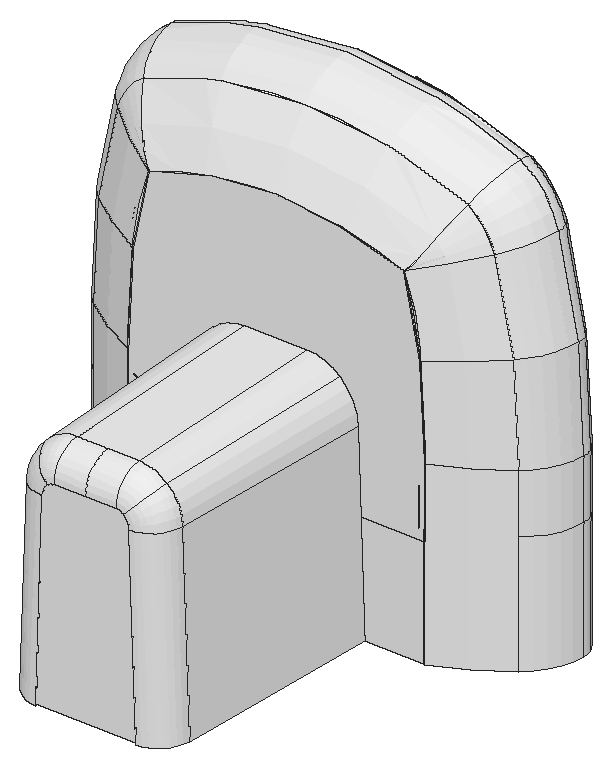
Revit family "Basin_With_Everclean-Wall_Mounted-American_Standard-Murro-0954_Series", category Plumbing Fixtures, host Face, Revit 2014
Parameters (values of type "0954.004EC")
  Width = 21 1/4"
  Waste Connection Radius = 5/8"
  Waste Connection Height = 23 1/2"
  Waste Connection Diameter = Waste Connection Radius * 2  # 1 1/4"
  Waste Connection = yes
  WFU = 2
  Void Visibility 5 = 4"
  Void Visibility 4 = 2"
  Void Visibility 3 = 2"
  Void Visibility 2 = 2"
  Void Visibility = 0"
  Vent Connection = no
  URL = "http://www.americanstandard-us.com"
  Type Comments = ""
  Symbolic 4 Lines = no
  Symbolic 3 Lines = no
  Symbolic 2 Lines = no
  Symbolic 1 Lines = yes
  Product Page URL = "http://www.americanstandard-us.com/commercial-sinks/Murro-Universal-Degisn-Wal-Hung-Lavatory-with-EverClean-5920/"
  Product Documentation Link = "http://www.americanstandard-us.com/assets/documents/amstd/spec/SpecSheet_5920.pdf"
  Price = "Prices may vary. Please consult Manufacturer Representative for most up-to-date price list."  # constant formula
  Model = "0954.004EC"
  Material = Vitreous China-American Standard-020-White
  Masterformat Title = "Residential Lavatories and Sinks"  # constant formula
  Masterformat Number = "22 41 16"  # constant formula
  Manufacturer = "American Standard"
  Length = 20 1/2"
  Installation Type = "Wall Mounted"
  Hot Water Connection Width = 2"
  Hot Water Connection Radius = 1/4"
  Hot Water Connection Height = 25 1/2"
  Hot Water Connection Diameter = Hot Water Connection Radius * 2  # 1/2"
  Height = 16"
  HWFU = 1.5
  HW Connection = yes
  Description = "Wall-Hung Lavatory With Everclean. 4\" Centres with overflow."
  Default Elevation = 34"
  Cold Water Connection Width = 2"
  Cold Water Connection Radius = 1/4"
  Cold Water Connection Height = Hot Water Connection Height  # 25 1/2"
  Cold Water Connection Diameter = Cold Water Connection Radius * 2  # 1/2"
  CWFU = 1.5
  CW Connection = yes
  Basin Shape = "Square"
  Assembly Code = "D2020"
  ADA Compliant = no
Types (11): name | Void Visibility 5 | Void Visibility 4 | Void Visibility 3 | Void Visibility 2 | Void Visibility | Symbolic 4 Lines | Symbolic 3 Lines | Symbolic 2 Lines | Symbolic 1 Lines | Model | Description
  (no name) | 4" | 2" | 2" | 2" | 0" | no | no | no | yes | "0954.004EC" | "Wall-Hung Lavatory With Everclean. 4\" Centres with overflow."
  0954.004EC | 4" | 2" | 2" | 2" | 0" | no | no | no | yes | "0954.004EC" | "Wall-Hung Lavatory With Everclean. 4\" Centres with overflow."
  0954.123EC | 4" | 2" | 0" | 2" | 0" | no | yes | no | yes | "0954.123EC" | "Wall-Hung Lavatory With Everclean. 4\" Centres with overflow and extra right-hand hole."
  0954.121EC | 4" | 0" | 2" | 2" | 0" | yes | no | no | yes | "0954.121EC" | "Wall-Hung Lavatory With Everclean. 4\" Centres with overflow and extra left-hand hole."
  0954.904EC | 7" | 2" | 2" | 2" | 0" | no | no | no | yes | "0954.904EC" | "Wall-Hung Lavatory With Everclean. 4\" Centres with less overflow."
  0958.008EC | 4" | 2" | 2" | 0" | 2" | no | no | yes | no | "0958.008EC" | "Wall-Hung Lavatory With Everclean. 8\" Centres with overflow."
  0958.908EC | 7" | 2" | 2" | 0" | 2" | no | no | yes | no | "0958.908EC" | "Wall-Hung Lavatory With Everclean. 8\" Centres with overflow."
  0955.001EC | 4" | 2" | 2" | 2" | 2" | no | no | no | no | "0955.001EC" | "Wall-Hung Lavatory With Everclean. Centre only with overflow."
  0955.123EC | 4" | 2" | 0" | 2" | 2" | no | yes | no | no | "0955123EC" | "Wall-Hung Lavatory With Everclean. Centre hole only with overflow and extra right-hand hole."
  0955.121EC | 4" | 0" | 2" | 2" | 2" | yes | no | no | no | "0955.121EC" | "Wall-Hung Lavatory With Everclean. Centre hole only with overflow and extra left-hand hole"
  0955.901EC | 7" | 2" | 2" | 2" | 2" | no | no | no | no | "0955.901EC" | "Wall-Hung Lavatory With Everclean. Centre hole only with less overflow."
Reference planes (in)
  plane 1 "Center (Front/Back)": y = 0
  plane 2: z = 0
  plane 3 "Center (Left/Right)": x = 0
  plane 4: y = -34
  plane 5: y = -16
  plane 6: y = -10.5
  plane 7: y = -8.5
  plane 8: z = 20.5
  plane 9: z = 7.75
  plane 10: z = 2.75
  plane 11: y = -1.6136
  plane 12: z = 6
  plane 13: x = 6.625
  plane 14: x = -6.625
  plane 15: x = 4
  plane 16: x = 2
  plane 17: x = -4
  plane 18: x = -2
  plane 19: x = -10.625
  plane 20: x = 10.625
  plane 21 "Bowl Depth": y = -5
Forms (in)
  Sweep 1, solid, material "Vitreous China-American Standard-020-White" <- "Material"
    path origin (0, -2.01315, 0) x (0, 0, 1) y (1, 0, 0)
      loop
        line (-0.03541, -3.19015) -> (8.45941, -2.89351)
        arc (8.45941, -2.89351) -> (9.10892, -2.73751) -> (9.64577, -2.34004) r 1.67451
        arc (9.64577, -2.34004) -> (9.91627, -1.89836) -> (10.01061, -1.38909) r 1.42173
        line (10.01061, -1.38909) -> (10.01061, 0) -> (10.01061, 1.38909)
        arc (10.01061, 1.38909) -> (9.91627, 1.89836) -> (9.64577, 2.34004) r 1.42173
        arc (9.64577, 2.34004) -> (9.10892, 2.73751) -> (8.45941, 2.89351) r 1.67451
        line (8.45941, 2.89351) -> (-0.03541, 3.19015)
    profile origin (-3.04183, -2.01315, 4.212) x (0.999391, 0, -0.034899) y (0, 1, 0)
      loop
        line (-0.26931, -3.32093) -> (-0.75279, -3.32093) -> (-0.4254, -12.69598)
        arc (-0.4254, -12.69598) -> (-0.00393, -13.62489) -> (0.94975, -13.98685) r 1.33811
        line (0.94975, -13.98685) -> (0.94975, -13.51441) -> (0.91404, -13.51441)
        arc (0.91404, -13.51441) -> (0.31887, -13.27394) -> (0.05778, -12.68753) r 0.85678
        line (0.05778, -12.68753) -> (-0.26931, -3.32093)
  Sweep 2, solid, material "Vitreous China-American Standard-020-White" <- "Material"
    path origin (0, -2.01315, 0) x (0, 0, 1) y (1, 0, 0)
      loop
        line (0, 10.625) -> (8.03785, 10.625)
        arc (8.03785, 10.625) -> (10.28047, 10.56627) -> (12.51695, 10.39026) r 42.8505
        arc (12.51695, 10.39026) -> (14.61652, 10.05772) -> (16.66983, 9.50754) r 20.30861
        arc (16.66983, 9.50754) -> (17.93376, 8.84474) -> (18.90679, 7.80069) r 4.24728
        arc (18.90679, 7.80069) -> (20.5, 0) -> (18.90679, -7.80069) r 19.89354
        arc (18.90679, -7.80069) -> (17.93376, -8.84474) -> (16.66983, -9.50754) r 4.24728
        arc (16.66983, -9.50754) -> (14.61652, -10.05772) -> (12.51695, -10.39026) r 20.30861
        arc (12.51695, -10.39026) -> (10.28047, -10.56627) -> (8.03785, -10.625) r 42.8505
        line (8.03785, -10.625) -> (0, -10.625)
    profile origin (10.625, -2.01315, 4.01893) x (1, 0, 0) y (0, 1, 0)
      loop
        arc (-1.85082, 2) -> (-2.07147, 1.91458) -> (-2.21318, 1.72509) r 0.42861
        arc (-2.21318, 1.72509) -> (-2.3246, -0.92742) -> (-4, -2.98685) r 4.21379
        line (-4, -2.98685) -> (-4, -3.32093)
        arc (-4, -3.32093) -> (-2.49875, -2.60121) -> (-1.12768, -1.65681) r 10.6742
        arc (-1.12768, -1.65681) -> (-0.31803, -0.64658) -> (-0.00054, 0.60852) r 3.04901
        arc (-0.00054, 0.60852) -> (-0.03254, 0.89897) -> (-0.14548, 1.16847) r 1.02123
        arc (-0.14548, 1.16847) -> (-0.87482, 1.83715) -> (-1.85082, 2) r 1.73976
  Extrusion 3, solid, material "Vitreous China-American Standard-020-White" <- "Material"
    sketch origin (-24.6063, -0.01315, 0) x (1, 0, 0) y (0, 1, 0)
      loop
        line (33.80748, 0) -> (24.29823, 0) -> (15.40512, 0)
        arc (15.40512, 0) -> (14.66998, -0.26824) -> (14.12678, -0.83153) r 1.73976
        arc (14.12678, -0.83153) -> (14.01384, -1.10103) -> (13.98184, -1.39148) r 1.02123
        arc (13.98184, -1.39148) -> (14.29933, -2.64658) -> (15.10897, -3.65681) r 3.04901
        arc (15.10897, -3.65681) -> (16.48973, -4.6045) -> (18.00343, -5.32093) r 10.51391
        line (18.00343, -5.32093) -> (31.20916, -5.32093)
        arc (31.20916, -5.32093) -> (32.72287, -4.6045) -> (34.10362, -3.65681) r 10.51391
        arc (34.10362, -3.65681) -> (34.91327, -2.64658) -> (35.23076, -1.39148) r 3.04901
        arc (35.23076, -1.39148) -> (35.19876, -1.10103) -> (35.08582, -0.83153) r 1.02123
        arc (35.08582, -0.83153) -> (34.54261, -0.26824) -> (33.80748, 0) r 1.73976
    from 0 to 5.38503
  Extrusion 4, solid, material "Vitreous China-American Standard-020-White" <- "Material"
    sketch origin (0, -2.01315, 0) x (0, 0, 1) y (1, 0, 0)
      loop
        line (0, -2.23859) -> (8.42626, -1.94434)
        arc (8.42626, -1.94434) -> (8.70738, -1.87682) -> (8.93975, -1.70479) r 0.72476
        arc (8.93975, -1.70479) -> (9.02955, -1.55816) -> (9.06087, -1.38909) r 0.47198
        line (9.06087, -1.38909) -> (9.06087, 1.38909)
        arc (9.06087, 1.38909) -> (9.02955, 1.55816) -> (8.93975, 1.70479) r 0.47198
        arc (8.93975, 1.70479) -> (8.70738, 1.87682) -> (8.42626, 1.94434) r 0.72476
        line (8.42626, 1.94434) -> (0, 2.23859) -> (0, -2.23859)
    from -13.98685 to -13.51441
  Sweep 5, void
    path origin (-24.40945, -1.63604, -0.00825) x (0, 0, 1) y (1, 0, 0)
      loop
        line (5.39328, 16.14739) -> (3.83792, 16.14739)
        arc (3.83792, 16.14739) -> (2.06627, 16.82746) -> (1.20473, 18.51832) r 2.64769
        arc (1.20473, 18.51832) -> (0.79278, 24.40945) -> (1.20473, 30.30058) r 42.32949
        arc (1.20473, 30.30058) -> (2.06627, 31.99144) -> (3.83792, 32.67151) r 2.64769
        line (3.83792, 32.67151) -> (5.39328, 32.67151)
    profile origin (-8.26206, -1.63604, 4.60735) x (0, 1, 0) y (-1, 0, 0)
      loop
        line (1.35031, 0.15065) -> (1.35031, -0.08185) -> (1.62289, -0.08185) -> (1.62289, 0.51212)
        arc (1.62289, 0.51212) -> (1.53822, 0.29246) -> (1.35031, 0.15065) r 0.42861
  Extrusion 6, void
    sketch origin (0, -0.01315, 0) x (1, 0, 0) y (0, 0, -1)
      loop
        line (-8.18889, -5.38503) -> (8.18889, -5.38503) -> (8.18889, -3.82967)
        arc (8.18889, -3.82967) -> (7.52719, -2.1065) -> (5.88222, -1.26911) r 2.57452
        arc (5.88222, -1.26911) -> (0, -0.8577) -> (-5.88222, -1.26911) r 42.25632
        arc (-5.88222, -1.26911) -> (-7.52719, -2.1065) -> (-8.18889, -3.82967) r 2.57452
        line (-8.18889, -3.82967) -> (-8.18889, -5.38503)
    from -0.27258 to 0
  Extrusion 7, solid, material "Vitreous China-American Standard-020-White" <- "Material"
    sketch origin (0, -0.01315, 0.50311) x (1, 0, 0) y (0, 0, 1)
      loop
        arc (-6.41442, 11.89633) -> (-6.57231, 9.99767) -> (-6.625, 8.09319) r 34.44839
        line (-6.625, 8.09319) -> (-6.625, 4.42704) -> (6.62227, 4.42704) -> (6.62227, 8.09304)
        arc (6.62227, 8.09304) -> (6.56959, 9.99745) -> (6.41171, 11.89603) r 34.44818
        arc (6.41171, 11.89603) -> (6.1459, 13.44089) -> (5.69775, 14.94303) r 13.12105
        arc (5.69775, 14.94303) -> (-0.00155, 16.00396) -> (-5.70075, 14.94252) r 15.83492
        arc (-5.70075, 14.94252) -> (-6.1487, 13.44077) -> (-6.41442, 11.89633) r 13.1213
      loop
        circle (0, 7.24689) r 0.7874
    from 5.32093 to 4.98685
  Extrusion 8, solid
    sketch origin (0, -0.01315, 0) x (1, 0, 0) y (0, 1, 0)
      loop
        circle (-2, -8.5) r 0.25
      loop
        circle (2, -8.5) r 0.25
      loop
        circle (0, -10.5) r 0.625
    from 0 to 0.0625
  Extrusion 9, void
    sketch origin (0, 0, 0) x (1, 0, 0) y (0, 0, 1)
      loop
        circle (0, 7.75) r 0.7874
      loop
        circle (0, 2.75) r 0.75
    from 0 to 12
  Extrusion 10, void
    sketch origin (0, 0, 0) x (1, 0, 0) y (0, 1, 0)
      loop
        circle (0, -1.6136) r 0.25
      loop
        circle (0.8125, -1.6136) r 0.25
      loop
        circle (-0.8125, -1.6136) r 0.25
    from 4 <- "Void Visibility 5" to 7.75
  Extrusion 11, solid, material "Vitreous China-American Standard-020-White" <- "Material"
    sketch origin (0, 0, 0) x (1, 0, 0) y (0, 1, 0)
      loop
        line (8.36677, -0.28573) -> (-8.36677, -0.28573)
        arc (-8.36677, -0.28573) -> (-8.05645, -3.08016) -> (-6.37568, -5.33408) r 5.36603
        line (-6.37568, -5.33408) -> (6.37568, -5.33408)
        arc (6.37568, -5.33408) -> (8.05645, -3.08016) -> (8.36677, -0.28573) r 5.36603
    from 5.38503 to 9.41335
  Extrusion 12, void
    sketch origin (80, 0, -0.625) x (1, 0, 0) y (0, 0, 1)
      loop
        line (-68.10721, 13.8287) -> (-91.89279, 13.8287)
        arc (-91.89279, 13.8287) -> (-89.53224, 10.45694) -> (-86.4317, 7.75) r 17.03007
        arc (-86.4317, 7.75) -> (-80, 5.77246) -> (-73.5683, 7.75) r 11.44791
        arc (-73.5683, 7.75) -> (-70.46776, 10.45694) -> (-68.10721, 13.8287) r 17.03007
    from 0 to 12
  Extrusion 13, void
    sketch origin (0, 0, 0) x (1, 0, 0) y (0, 0, 1)
      loop
        circle (2, 2.75) r 0.75
      loop
        circle (-2, 2.75) r 0.75
    from 0 <- "Void Visibility" to 4
  Extrusion 14, void
    sketch origin (0, 0, 0) x (1, 0, 0) y (0, 0, 1)
      loop
        circle (4, 2.75) r 0.75
      loop
        circle (-4, 2.75) r 0.75
    from 2 <- "Void Visibility 2" to 4
  Extrusion 15, void
    sketch origin (0, 0, 0) x (1, 0, 0) y (0, 0, 1)
      loop
        circle (6.625, 6) r 0.75
    from 2 <- "Void Visibility 3" to 4
  Extrusion 16, void
    sketch origin (0, 0, 0) x (1, 0, 0) y (0, 0, 1)
      loop
        circle (-6.625, 6) r 0.75
    from 2 <- "Void Visibility 4" to 4
Cuts and joins
  Extrusion 9 cuts Sweep 1
  joined: Sweep 1, Extrusion 4
  Extrusion 9, Extrusion 10, Extrusion 13, Extrusion 14, Extrusion 15, Extrusion 16 cuts Sweep 2
  Sweep 5, Extrusion 6, Extrusion 9, Extrusion 10, Extrusion 12, Extrusion 13, Extrusion 14, Extrusion 15, Extrusion 16 cuts Extrusion 3
  Extrusion 10, Extrusion 12, Extrusion 13, Extrusion 14, Extrusion 15, Extrusion 16 cuts Extrusion 11
  joined: Sweep 2, Extrusion 3, Extrusion 11
  Extrusion 9 cuts Extrusion 7
Lines and regions (in)
  Masking region 1
    outline origin (0, 0, 0) x (1, 0, 0) y (0, 1, 0)
      loop
        arc (-8.98768, 0) -> (-9.84487, -0.22583) -> (-10.47952, -0.84468) r 1.73976
        arc (-10.47952, -0.84468) -> (-10.59246, -1.11418) -> (-10.62446, -1.40463) r 1.02123
        arc (-10.62446, -1.40463) -> (-10.30697, -2.65973) -> (-9.49732, -3.66996) r 3.04901
        arc (-9.49732, -3.66996) -> (-8.11657, -4.61765) -> (-6.60286, -5.33408) r 10.51391
        line (-6.60286, -5.33408) -> (-3.94294, -5.33408) -> (-3.614, -14.75362)
        arc (-3.614, -14.75362) -> (-3.22045, -15.63754) -> (-2.32334, -16) r 1.29145
        line (-2.32334, -16) -> (2.31332, -16)
        arc (2.31332, -16) -> (3.21764, -15.63463) -> (3.61435, -14.74361) r 1.30182
        line (3.61435, -14.74361) -> (3.94294, -5.33408) -> (6.60286, -5.33408)
        arc (6.60286, -5.33408) -> (8.11657, -4.61765) -> (9.49732, -3.66996) r 10.51391
        arc (9.49732, -3.66996) -> (10.30697, -2.65973) -> (10.62446, -1.40463) r 3.04901
        arc (10.62446, -1.40463) -> (10.59246, -1.11418) -> (10.47952, -0.84468) r 1.02123
        arc (10.47952, -0.84468) -> (9.84487, -0.22583) -> (8.98768, 0) r 1.73976
        line (8.98768, 0) -> (-8.98768, 0)
  Masking region 2
    outline origin (0, 0, 0) x (1, 0, 0) y (0, 1, 0)
      loop
        arc (-8.98768, 0) -> (-9.84487, -0.22583) -> (-10.47952, -0.84468) r 1.73976
        arc (-10.47952, -0.84468) -> (-10.59246, -1.11418) -> (-10.62446, -1.40463) r 1.02123
        arc (-10.62446, -1.40463) -> (-10.30697, -2.65973) -> (-9.49732, -3.66996) r 3.04901
        arc (-9.49732, -3.66996) -> (-8.11657, -4.61765) -> (-6.60286, -5.33408) r 10.51391
        line (-6.60286, -5.33408) -> (-3.94294, -5.33408) -> (-3.61556, -14.70887)
        arc (-3.61556, -14.70887) -> (-3.20789, -15.62453) -> (-2.27856, -16) r 1.33782
        line (-2.27856, -16) -> (2.28368, -16)
        arc (2.28368, -16) -> (3.20932, -15.62602) -> (3.61539, -14.71399) r 1.33252
        line (3.61539, -14.71399) -> (3.94294, -5.33408) -> (6.60286, -5.33408)
        arc (6.60286, -5.33408) -> (8.11657, -4.61765) -> (9.49732, -3.66996) r 10.51391
        arc (9.49732, -3.66996) -> (10.30697, -2.65973) -> (10.62446, -1.40463) r 3.04901
        arc (10.62446, -1.40463) -> (10.59246, -1.11418) -> (10.47952, -0.84468) r 1.02123
        arc (10.47952, -0.84468) -> (9.84487, -0.22583) -> (8.98768, 0) r 1.73976
        line (8.98768, 0) -> (-8.98768, 0)
  Masking region 3
    outline origin (0, 0, 0) x (1, 0, 0) y (0, 0, 1)
      loop
        line (10.625, 0) -> (10.625, 7.75)
        arc (10.625, 7.75) -> (10.58177, 9.77899) -> (10.45215, 11.8043) r 47.6349
        arc (10.45215, 11.8043) -> (10.10627, 14.28386) -> (9.49811, 16.71244) r 23.45911
        arc (9.49811, 16.71244) -> (8.8293, 18.00114) -> (7.74949, 18.97173) r 4.05599
        arc (7.74949, 18.97173) -> (0, 20.5) -> (-7.74949, 18.97173) r 20.41202
        arc (-7.74949, 18.97173) -> (-8.82931, 18.00114) -> (-9.49811, 16.71244) r 4.05599
        arc (-9.49811, 16.71244) -> (-10.10627, 14.28386) -> (-10.45215, 11.8043) r 23.45911
        arc (-10.45215, 11.8043) -> (-10.58177, 9.77899) -> (-10.625, 7.75) r 47.6349
        line (-10.625, 7.75) -> (-10.625, 0) -> (10.625, 0)
  Masking region 4
    outline origin (0, 0, 0) x (0, 1, 0) y (0, 0, 1)
      loop
        line (0, 0) -> (0, 19)
        arc (0, 19) -> (-0.25249, 19.79866) -> (-0.84545, 20.39027) r 1.76069
        arc (-0.84545, 20.39027) -> (-1.10149, 20.49941) -> (-1.3778, 20.53291) r 0.98926
        arc (-1.3778, 20.53291) -> (-1.6025, 20.51969) -> (-1.82553, 20.48933) r 2.94146
        arc (-1.82553, 20.48933) -> (-2.04003, 20.44384) -> (-2.25077, 20.38331) r 3.09898
        arc (-2.25077, 20.38331) -> (-2.55761, 20.26493) -> (-2.85018, 20.1147) r 3.09898
        arc (-2.85018, 20.1147) -> (-3.36394, 19.73991) -> (-3.79038, 19.26814) r 3.09898
        arc (-3.79038, 19.26814) -> (-4.22183, 18.65449) -> (-4.62917, 18.02458) r 19.34669
        arc (-4.62917, 18.02458) -> (-5.02657, 17.28894) -> (-5.33408, 16.51142) r 7.04956
        line (-5.33408, 16.51142) -> (-5.33408, 10.7634) -> (-14.70204, 10.43626)
        arc (-14.70204, 10.43626) -> (-15.62254, 10.02643) -> (-16, 9.09219) r 1.3449
        line (-16, 9.09219) -> (-16, 0) -> (0, 0)
  symbolic lines, style "PlumbingFixtures"
    curve 1: arc (-9.49803, -3.66996, 0) -> (-8.11728, -4.61765, 0) -> (-6.60357, -5.33408, 0) r 10.51391
    curve 2: line (-6.60357, -5.33408, 0) -> (-3.94294, -5.33408, 0)
    curve 3: line (-3.94294, -5.33408, 0) -> (-3.61556, -14.70887, 0)
    curve 4: arc (-3.61556, -14.70887, 0) -> (-3.20789, -15.62453, 0) -> (-2.27856, -16, 0) r 1.33782
    curve 5: line (-2.27856, -16, 0) -> (2.28368, -16, 0)
    curve 6: arc (2.28368, -16, 0) -> (3.20932, -15.62602, 0) -> (3.61539, -14.71399, 0) r 1.33252
    curve 7: line (3.61539, -14.71399, 0) -> (3.94294, -5.33408, 0)
    curve 8: line (3.94294, -5.33408, 0) -> (6.60286, -5.33408, 0)
    curve 9: arc (6.60286, -5.33408, 0) -> (8.11657, -4.61765, 0) -> (9.49732, -3.66996, 0) r 10.51391
    curve 10: arc (9.49732, -3.66996, 0) -> (10.30697, -2.65973, 0) -> (10.62446, -1.40463, 0) r 3.04901
    curve 11: arc (10.62446, -1.40463, 0) -> (10.59246, -1.11418, 0) -> (10.47952, -0.84468, 0) r 1.02123
    curve 12: arc (10.47952, -0.84468, 0) -> (9.84487, -0.22583, 0) -> (8.98768, 0, 0) r 1.73976
    curve 13: line (8.98768, 0, 0) -> (-8.98839, 0, 0)
    curve 14: arc (-8.98839, 0, 0) -> (-9.84558, -0.22583, 0) -> (-10.48023, -0.84468, 0) r 1.73976
    curve 15: arc (-10.48023, -0.84468, 0) -> (-10.59317, -1.11418, 0) -> (-10.62517, -1.40463, 0) r 1.02123
    curve 16: arc (-10.62517, -1.40463, 0) -> (-10.30768, -2.65973, 0) -> (-9.49803, -3.66996, 0) r 3.04901
    curve 19: arc (0, -2.85018, 20.1147) -> (0, -3.36394, 19.73991) -> (0, -3.79038, 19.26814) r 3.09898
    curve 20: arc (0, -3.79038, 19.26814) -> (0, -4.22183, 18.65449) -> (0, -4.62917, 18.02458) r 19.34669
    curve 21: arc (0, -4.62917, 18.02458) -> (0, -5.02657, 17.28894) -> (0, -5.33408, 16.51142) r 7.04956
    curve 22: line (0, -5.33408, 16.51142) -> (0, -5.33408, 10.7634)
    curve 23: line (0, -5.33408, 10.7634) -> (0, -14.70204, 10.43626)
    curve 24: arc (0, -14.70204, 10.43626) -> (0, -15.62254, 10.02643) -> (0, -16, 9.09219) r 1.3449
    curve 25: line (0, -16, 9.09219) -> (0, -16, 0)
    curve 26: line (0, -16, 0) -> (0, 0, 0)
    curve 27: line (0, 0, 0) -> (0, 0, 19)
    curve 28: arc (0, 0, 19) -> (0, -0.25249, 19.79866) -> (0, -0.84545, 20.39027) r 1.76069
    curve 29: arc (0, -0.84545, 20.39027) -> (0, -1.10149, 20.49941) -> (0, -1.3778, 20.53291) r 0.98926
    curve 30: arc (0, -1.3778, 20.53291) -> (0, -1.6025, 20.51969) -> (0, -1.82553, 20.48933) r 2.94146
    curve 31: arc (0, -1.82553, 20.48933) -> (0, -2.04003, 20.44384) -> (0, -2.25077, 20.38331) r 3.09898
    curve 32: arc (0, -2.25077, 20.38331) -> (0, -2.55761, 20.26493) -> (0, -2.85018, 20.1147) r 3.09898
    curve 41: arc (10.45215, 0, 11.8043) -> (10.10627, 0, 14.28386) -> (9.49811, 0, 16.71244) r 23.45911
    curve 42: arc (9.49811, 0, 16.71244) -> (8.8293, 0, 18.00114) -> (7.74949, 0, 18.97173) r 4.05599
    curve 43: arc (7.74949, 0, 18.97173) -> (0, 0, 20.5) -> (-7.74949, 0, 18.97173) r 20.41202
    curve 44: arc (-7.74949, 0, 18.97173) -> (-8.82931, 0, 18.00114) -> (-9.49811, 0, 16.71244) r 4.05599
    curve 45: arc (-9.49811, 0, 16.71244) -> (-10.10627, 0, 14.28386) -> (-10.45215, 0, 11.8043) r 23.45911
    curve 46: arc (-10.45215, 0, 11.8043) -> (-10.58177, 0, 9.77899) -> (-10.625, 0, 7.75) r 47.6349
    curve 47: line (-10.625, 0, 7.75) -> (-10.625, 0, 0)
    curve 48: line (-10.625, 0, 0) -> (10.625, 0, 0)
    curve 49: line (10.625, 0, 0) -> (10.625, 0, 7.75)
    curve 50: arc (10.625, 0, 7.75) -> (10.58177, 0, 9.77899) -> (10.45215, 0, 11.8043) r 47.6349
  symbolic lines, style "PlumbingFixtures", detail levels medium+fine
    curve 17: line (-3.94294, -5.33408, 0) -> (3.94294, -5.33408, 0)
    curve 18: circle (0, 0, 7.75) r 0.7874 normal (0, -1, 0)
    curve 33: line (0, -5.33408, 10.7634) -> (0, -5.33408, 0)
    curve 34: circle (0, 0, 2.75) r 0.75 normal (0, -1, 0)
    curve 51: arc (6.43527, 0, 7.12214) -> (7.45133, 0, 7.86863) -> (8.40938, 0, 8.68823) r 17.0323
    curve 52: arc (-6.43052, 0, 7.12311) -> (0.00223, 0, 5.1447) -> (6.43527, 0, 7.12214) r 11.44993
    curve 53: arc (-8.40597, 0, 8.69019) -> (-7.44729, 0, 7.87004) -> (-6.43052, 0, 7.12311) r 17.03053
    curve 54: arc (-8.18859, 0, 12.28528) -> (-8.33713, 0, 10.49014) -> (-8.40597, 0, 8.69019) r 40.63677
    curve 55: arc (-7.40209, 0, 15.98543) -> (-7.8923, 0, 14.15596) -> (-8.18859, 0, 12.28528) r 18.09484
    curve 56: arc (-6.72144, 0, 16.95837) -> (-7.13436, 0, 16.52269) -> (-7.40209, 0, 15.98543) r 2.03343
    curve 57: arc (6.72186, 0, 16.95813) -> (0.00023, 0, 18.28585) -> (-6.72144, 0, 16.95837) r 17.67971
    curve 58: arc (7.40403, 0, 15.98404) -> (7.1357, 0, 16.52204) -> (6.72186, 0, 16.95813) r 2.0347
    curve 59: arc (8.19159, 0, 12.2819) -> (7.89487, 0, 14.15362) -> (7.40403, 0, 15.98404) r 18.09662
    curve 60: arc (8.40938, 0, 8.68823) -> (8.3403, 0, 10.48748) -> (8.19159, 0, 12.2819) r 40.6389
  symbolic lines, style "PlumbingFixtures", visible <- "Symbolic 1 Lines", detail levels medium+fine
    curve 35: circle (-2, 0, 2.75) r 0.75 normal (0, -1, 0)
    curve 37: circle (2, 0, 2.75) r 0.75 normal (0, -1, 0)
  symbolic lines, style "PlumbingFixtures", visible <- "Symbolic 2 Lines", detail levels medium+fine
    curve 36: circle (-4, 0, 2.75) r 0.75 normal (0, -1, 0)
    curve 38: circle (4, 0, 2.75) r 0.75 normal (0, -1, 0)
  symbolic lines, style "PlumbingFixtures", visible <- "Symbolic 3 Lines", detail levels medium+fine
    curve 39: circle (6.625, 0, 6) r 0.75 normal (0, -1, 0)
  symbolic lines, style "PlumbingFixtures", visible <- "Symbolic 4 Lines", detail levels medium+fine
    curve 40: circle (-6.625, 0, 6) r 0.75 normal (0, 1, 0)
  symbolic lines, style "PlumbingFixtures", detail levels fine
    curve 61: arc (6.61278, 0, 8.59711) -> (6.56008, 0, 10.50207) -> (6.40211, 0, 12.4012) r 34.45024
    curve 62: line (6.61278, 0, 7.24435) -> (6.61278, 0, 8.59711)
    curve 63: arc (6.40211, 0, 12.4012) -> (6.13532, 0, 13.95013) -> (5.68527, 0, 15.45606) r 13.12334
    curve 64: arc (5.68527, 0, 15.45606) -> (0.00053, 0, 16.51191) -> (-5.68422, 0, 15.45615) r 15.83205
    curve 65: arc (-5.68422, 0, 15.45615) -> (-6.13429, 0, 13.95022) -> (-6.40109, 0, 12.40128) r 13.12286
    curve 66: arc (-6.40109, 0, 12.40128) -> (-6.55905, 0, 10.50216) -> (-6.61176, 0, 8.59721) r 34.44974
    curve 67: line (-6.61176, 0, 8.59721) -> (-6.61176, 0, 7.24791)
    curve 68: line (-5.70024, 0, 15.44263) -> (-6.72144, 0, 16.95837)
    curve 69: line (5.70024, 0, 15.44263) -> (6.72186, 0, 16.95813)
    curve 70: arc (5.90306, 0, 1.06838) -> (7.69366, 0, 1.98346) -> (8.41354, 0, 3.86106) r 2.80853
    curve 71: arc (-5.91006, 0, 1.06829) -> (-0.0035, 0, 0.65559) -> (5.90306, 0, 1.06838) r 42.46903
    curve 72: arc (-8.40239, 0, 3.84035) -> (-7.6877, 0, 1.97648) -> (-5.91006, 0, 1.06829) r 2.78775
    curve 73: arc (8.40938, 0, 8.68823) -> (8.42999, 0, 6.27466) -> (8.41354, 0, 3.86106) r 157.18645
    curve 74: arc (-8.40938, 0, 8.68823) -> (-8.42999, 0, 6.27466) -> (-8.41354, 0, 3.86106) r 157.18645
Dimensions and locks (in)
  "Default Elevation": plane 4 to plane 1 "Center (Front/Back)"
  "Waste Connection Height": plane 6 to plane 4
  "Hot Water Connection Height": plane 7 to plane 4
  plane 5 to plane 1 "Center (Front/Back)" = 16"
  plane 20 to plane 19 = 21 1/4"
  level to plane 8 = 20 1/2"
  plane 21 "Bowl Depth" to plane 1 "Center (Front/Back)" = 5"
  aligned and locked: plane 2 to host face
  aligned and locked: level to host face
Automatic sketch dimensions
  host sketch curve to host sketch curve = 96"  (x2)
  Sweep 1 sketch curve to plane 3 "Center (Left/Right)" = 0"
  Sweep 1 sketch curve to level = 0.03541"  (x2)
  plane 9 to Sweep 1 sketch curve = 0.65097"  (x2)
  plane 9 to Sweep 1 sketch curve = 0.70941"  (x2)
  Sweep 1 sketch curve to Sweep 1 sketch curve = 0.18791"  (x2)
  Sweep 1 sketch curve to Sweep 1 sketch curve = 1.18636"  (x2)
  Sweep 1 sketch curve to Sweep 1 sketch curve = 0"  (x2)
  Sweep 1 sketch curve to Sweep 1 sketch curve = 0.36484"
  Sweep 1 sketch curve to plane 3 "Center (Left/Right)" = 1.22002"
  Sweep 1 sketch curve to plane 3 "Center (Left/Right)" = 3.19015"
  plane 3 "Center (Left/Right)" to Sweep 1 sketch curve = 1.22002"
  plane 3 "Center (Left/Right)" to Sweep 1 sketch curve = 3.19015"
  profile plane to Sweep 1 sketch curve = 0.75279"
  profile plane to Sweep 1 sketch curve = 0.4254"
  profile plane to Sweep 1 sketch curve = 0.26931"
  Sweep 1 sketch curve to profile plane = 0.05778"
  Sweep 1 sketch curve to Sweep 1 sketch curve = 0.85411"
  Sweep 1 sketch curve to Sweep 1 sketch curve = 0.00215"
  Sweep 1 sketch curve to Sweep 1 sketch curve = 0.03571"
  Sweep 1 sketch curve to profile plane = 13.98685"
  Sweep 1 sketch curve to Sweep 1 sketch curve = 0.47244"
  Sweep 1 sketch curve to Sweep 1 sketch curve = 0.81843"
  Sweep 1 sketch curve to Sweep 1 sketch curve = 0.00845"
  Sweep 1 sketch curve to profile plane = 3.32093"
  plane 11 to Extrusion 3 sketch curve = 0.20897"
  Extrusion 3 sketch curve to plane 3 "Center (Left/Right)" = 10.62446"
  Extrusion 3 sketch curve to Extrusion 3 sketch curve = 0"  (x5)
  Extrusion 3 sketch curve to Extrusion 3 sketch curve = 0.14494"
  Extrusion 3 sketch curve to Extrusion 3 sketch curve = 0.87571"
  Extrusion 3 sketch curve to plane 11 = 2.05635"
  Extrusion 3 sketch curve to Extrusion 3 sketch curve = 0.10649"
  plane 1 "Center (Front/Back)" to Extrusion 3 sketch curve = 0.01315"
  Extrusion 3 sketch curve to Extrusion 3 sketch curve = 0.40264"
  Extrusion 3 sketch curve to plane 11 = 0.12616"  (x2)
  plane 7 to Extrusion 3 sketch curve = 3.16592"
  Extrusion 3 sketch curve to Extrusion 3 sketch curve = 2.89446"
  Extrusion 3 sketch curve to plane 3 "Center (Left/Right)" = 0.30807"
  plane 3 "Center (Left/Right)" to Extrusion 3 sketch curve = 2.87614"
  plane 3 "Center (Left/Right)" to Extrusion 3 sketch curve = 6.60286"
  plane 11 to Extrusion 3 sketch curve = 0.3121"
  Extrusion 3 sketch curve to Extrusion 3 sketch curve = 0.97433"
  Extrusion 3 sketch curve to Extrusion 3 sketch curve = 1.41048"
  Extrusion 3 sketch curve to Extrusion 3 sketch curve = 0.2135"
  Extrusion 3 sketch curve to Extrusion 3 sketch curve = 0.50964"
  plane 11 to Extrusion 3 sketch curve = 0.24351"
  Extrusion 3 sketch curve to Extrusion 3 sketch curve = 0.61614"
  Extrusion 4 sketch curve to level = 0"
  plane 9 to Extrusion 4 sketch curve = 0.65097"  (x2)
  plane 9 to Extrusion 4 sketch curve = 0.67626"  (x2)
  Extrusion 4 sketch curve to Extrusion 4 sketch curve = 0.18791"  (x2)
  Extrusion 4 sketch curve to Extrusion 4 sketch curve = 0.35086"  (x2)
  Extrusion 4 sketch curve to Extrusion 4 sketch curve = 0"  (x2)
  Extrusion 4 sketch curve to Extrusion 4 sketch curve = 0.12112"
  Extrusion 4 sketch curve to plane 3 "Center (Left/Right)" = 2.23859"
  Extrusion 4 sketch curve to plane 3 "Center (Left/Right)" = 1.94434"
  plane 3 "Center (Left/Right)" to Extrusion 4 sketch curve = 1.22002"
  plane 3 "Center (Left/Right)" to Extrusion 4 sketch curve = 2.23859"
  Sweep 5 sketch curve to plane 3 "Center (Left/Right)" = 0"
  level to Sweep 5 sketch curve = 1.19648"  (x2)
  plane 10 to Sweep 5 sketch curve = 1.07967"  (x2)
  Sweep 5 sketch curve to plane 12 = 0.61497"  (x2)
  plane 8 to Sweep 5 sketch curve = 22.61402"
  Sweep 5 sketch curve to plane 3 "Center (Left/Right)" = 5.61437"
  Sweep 5 sketch curve to Sweep 5 sketch curve = 0.27676"  (x2)
  Sweep 5 sketch curve to profile plane = 0.55052"
  profile plane to Sweep 5 sketch curve = 1.196"
  Sweep 5 sketch curve to profile plane = 0.15065"
  Sweep 5 sketch curve to Sweep 5 sketch curve = 0.15431"
  Sweep 5 sketch curve to profile plane = 0.51212"
  profile plane to Sweep 5 sketch curve = 0.08185"
  Extrusion 6 sketch curve to plane 3 "Center (Left/Right)" = 0"
  plane 10 to Extrusion 6 sketch curve = 1.07967"  (x2)
  Extrusion 6 sketch curve to plane 3 "Center (Left/Right)" = 5.61437"
  level to Extrusion 6 sketch curve = 1.26911"  (x2)
  Extrusion 6 sketch curve to Extrusion 6 sketch curve = 0.26785"
  plane 3 "Center (Left/Right)" to Extrusion 6 sketch curve = 5.61437"
  Extrusion 6 sketch curve to plane 12 = 0.61497"
  plane 8 to Extrusion 6 sketch curve = 22.61402"
  Extrusion 8 sketch curve to plane 3 "Center (Left/Right)" = 0"
  Extrusion 8 sketch curve to plane 7 = 0.01315"  (x2)
  Extrusion 8 sketch curve to plane 3 "Center (Left/Right)" = 2"
  plane 3 "Center (Left/Right)" to Extrusion 8 sketch curve = 2"
  Extrusion 8 sketch curve to plane 6 = 0.01315"
  Extrusion 9 sketch curve to plane 3 "Center (Left/Right)" = 0"  (x2)
  Extrusion 9 sketch curve to plane 10 = 0"
  Extrusion 9 sketch curve to plane 9 = 0"
  Extrusion 10 sketch curve to plane 11 = 0"  (x3)
  Extrusion 10 sketch curve to plane 3 "Center (Left/Right)" = 0"
  Extrusion 10 sketch curve to plane 3 "Center (Left/Right)" = 13/16"
  Extrusion 10 sketch curve to Extrusion 10 sketch curve = 13/16"
  plane 1 "Center (Front/Back)" to Masking region 1 sketch curve = 0"
  Masking region 1 sketch curve to plane 5 = 0"
  plane 11 to Masking region 1 sketch curve = 0.20897"  (x2)
  Masking region 1 sketch curve to plane 3 "Center (Left/Right)" = 10.62446"
  Masking region 1 sketch curve to Masking region 1 sketch curve = 0"  (x6)
  Masking region 1 sketch curve to Masking region 1 sketch curve = 0.14494"
  Masking region 1 sketch curve to Masking region 1 sketch curve = 1.02065"
  Masking region 1 sketch curve to Masking region 1 sketch curve = 0.10649"
  Masking region 1 sketch curve to Masking region 1 sketch curve = 0.61614"  (x2)
  plane 11 to Masking region 1 sketch curve = 0.3121"  (x2)
  plane 7 to Masking region 1 sketch curve = 3.16592"
  Masking region 1 sketch curve to Masking region 1 sketch curve = 2.89446"
  Masking region 1 sketch curve to Masking region 1 sketch curve = 2.65993"  (x2)
  plane 5 to Masking region 1 sketch curve = 1.24638"
  Masking region 1 sketch curve to plane 3 "Center (Left/Right)" = 3.614"
  Masking region 1 sketch curve to Masking region 1 sketch curve = 1.29067"
  plane 3 "Center (Left/Right)" to Masking region 1 sketch curve = 2.31332"
  plane 3 "Center (Left/Right)" to Masking region 1 sketch curve = 2.87614"
  plane 5 to Masking region 1 sketch curve = 1.25639"
  Masking region 1 sketch curve to Masking region 1 sketch curve = 1.30103"
  plane 3 "Center (Left/Right)" to Masking region 1 sketch curve = 3.94294"
  Masking region 1 sketch curve to Masking region 1 sketch curve = 0.97433"
  Masking region 1 sketch curve to Masking region 1 sketch curve = 1.41048"
  Masking region 1 sketch curve to Masking region 1 sketch curve = 0.50964"
  Masking region 1 sketch curve to Masking region 1 sketch curve = 0.87571"
  Extrusion 12 sketch curve to plane 3 "Center (Left/Right)" = 0"
  plane 8 to Extrusion 12 sketch curve = 0.71325"  (x2)
  Extrusion 12 sketch curve to plane 3 "Center (Left/Right)" = 3.13619"
  Extrusion 12 sketch curve to plane 9 = 5/8"
  Extrusion 12 sketch curve to plane 3 "Center (Left/Right)" = 6.4317"
  Extrusion 12 sketch curve to Extrusion 12 sketch curve = 0"  (x2)
  plane 9 to Extrusion 12 sketch curve = 5.4537"
  Extrusion 12 sketch curve to Extrusion 12 sketch curve = 5.46109"
  plane 1 "Center (Front/Back)" to Extrusion 11 sketch curve = 0.28573"
  plane 7 to Extrusion 11 sketch curve = 3.16592"
  Extrusion 11 sketch curve to Extrusion 11 sketch curve = 1.99109"
  plane 11 to Extrusion 11 sketch curve = 0.50223"  (x2)
  plane 3 "Center (Left/Right)" to Extrusion 11 sketch curve = 3.06464"
  Extrusion 11 sketch curve to plane 3 "Center (Left/Right)" = 3.06464"
  plane 1 "Center (Front/Back)" to Masking region 2 sketch curve = 0"
  Masking region 2 sketch curve to plane 5 = 0"
  plane 11 to Masking region 2 sketch curve = 0.20897"
  Masking region 2 sketch curve to Masking region 2 sketch curve = 0"  (x6)
  Masking region 2 sketch curve to Masking region 2 sketch curve = 0.14494"  (x2)
  Masking region 2 sketch curve to Masking region 2 sketch curve = 1.02065"
  Masking region 2 sketch curve to Masking region 2 sketch curve = 0.10649"
  Masking region 2 sketch curve to Masking region 2 sketch curve = 0.61614"  (x2)
  plane 11 to Masking region 2 sketch curve = 0.3121"  (x2)
  plane 7 to Masking region 2 sketch curve = 3.16592"
  Masking region 2 sketch curve to Masking region 2 sketch curve = 2.89446"
  Masking region 2 sketch curve to Masking region 2 sketch curve = 1.33171"
  Masking region 2 sketch curve to Masking region 2 sketch curve = 1.41048"
  Masking region 2 sketch curve to Masking region 2 sketch curve = 0.50964"
  Masking region 2 sketch curve to Masking region 2 sketch curve = 0.87571"
  plane 5 to Masking region 2 sketch curve = 1.28601"
  plane 5 to Masking region 2 sketch curve = 1.29113"
  plane 1 "Center (Front/Back)" to curve 13 = 0"
  curve 4 to plane 5 = 0"
  plane 11 to curve 16 = 0.20897"
  curve 15 to curve 16 = 0"
  curve 15 to curve 14 = 0.14494"
  curve 15 to curve 14 = 0"
  curve 15 to curve 15 = 0.87571"
  curve 15 to curve 1 = 0.10649"
  curve 16 to curve 1 = 0"
  curve 15 to curve 13 = 0.61614"
  plane 11 to curve 16 = 0.3121"
  curve 16 to curve 2 = 2.89446"
  plane 5 to curve 7 = 1.28601"
  curve 6 to curve 7 = 1.33171"
  plane 11 to curve 10 = 0.3121"
  curve 12 to plane 11 = 0.12616"
  curve 10 to curve 12 = 1.41048"
  curve 12 to curve 9 = 0.50964"
  curve 10 to curve 9 = 0"
  plane 11 to curve 11 = 0.24351"
  curve 12 to curve 11 = 0.61614"
  curve 11 to curve 12 = 0"
  curve 10 to curve 11 = 0"
  plane 5 to curve 3 = 1.29113"
  curve 5 to plane 3 "Center (Left/Right)" = 2.27856"
  curve 1 to plane 3 "Center (Left/Right)" = 2.87685"
  curve 4 to curve 4 = 1.33701"
  curve 2 to curve 3 = 2.66064"
  Masking region 2 sketch curve to plane 3 "Center (Left/Right)" = 2.27856"
  Masking region 2 sketch curve to plane 3 "Center (Left/Right)" = 2.87614"
  Masking region 2 sketch curve to Masking region 2 sketch curve = 1.33701"
  Masking region 2 sketch curve to Masking region 2 sketch curve = 2.65993"  (x2)
  plane 1 "Center (Front/Back)" to curve 3 = 5.33408"
  plane 3 "Center (Left/Right)" to curve 5 = 2.28368"
  curve 8 to curve 9 = 2.65993"
  plane 3 "Center (Left/Right)" to Masking region 2 sketch curve = 2.28368"
  plane 3 "Center (Left/Right)" to Masking region 2 sketch curve = 2.87614"
  plane 3 "Center (Left/Right)" to curve 9 = 2.87614"
  plane 3 "Center (Left/Right)" to curve 8 = 3.94294"
  Extrusion 11 sketch curve to Extrusion 11 sketch curve = 3.31104"
  plane 3 "Center (Left/Right)" to Masking region 2 sketch curve = 3.94294"
  Masking region 2 sketch curve to Masking region 2 sketch curve = 0.97433"
  Masking region 3 sketch curve to plane 9 = 0"  (x2)
  Masking region 3 sketch curve to level = 0"
  Masking region 3 sketch curve to plane 3 "Center (Left/Right)" = 37.0099"
  plane 9 to Masking region 3 sketch curve = 2.05765"  (x2)
  Masking region 3 sketch curve to plane 3 "Center (Left/Right)" = 12.92183"
  Masking region 3 sketch curve to Masking region 3 sketch curve = 2.29683"
  Masking region 3 sketch curve to Masking region 3 sketch curve = 2.46968"
  Masking region 3 sketch curve to Masking region 3 sketch curve = 0"  (x4)
  Masking region 3 sketch curve to Masking region 3 sketch curve = 0.95404"
  Masking region 3 sketch curve to plane 8 = 1.52827"  (x2)
  Masking region 3 sketch curve to Masking region 3 sketch curve = 1.74862"  (x2)
  Masking region 3 sketch curve to Masking region 3 sketch curve = 2.12771"
  plane 3 "Center (Left/Right)" to Masking region 3 sketch curve = 0"
  plane 3 "Center (Left/Right)" to Masking region 3 sketch curve = 5.62178"
  level to Masking region 3 sketch curve = 0.08798"
  Extrusion 7 sketch curve to plane 3 "Center (Left/Right)" = 0.00085"
  Extrusion 7 sketch curve to plane 3 "Center (Left/Right)" = 0"
  Extrusion 7 sketch curve to plane 9 = 0"
  Extrusion 7 sketch curve to plane 3 "Center (Left/Right)" = 5.70075"
  Extrusion 7 sketch curve to Extrusion 7 sketch curve = 0.71367"
  Extrusion 7 sketch curve to Extrusion 7 sketch curve = 0"  (x2)
  Extrusion 7 sketch curve to plane 12 = 1.06985"
  Extrusion 7 sketch curve to plane 3 "Center (Left/Right)" = 6 5/8"
  Extrusion 7 sketch curve to Extrusion 7 sketch curve = 0.21472"
  plane 9 to Extrusion 7 sketch curve = 0.84615"
  plane 3 "Center (Left/Right)" to Extrusion 7 sketch curve = 5.69775"
  Extrusion 7 sketch curve to Extrusion 7 sketch curve = 0.71396"
  plane 3 "Center (Left/Right)" to Extrusion 7 sketch curve = 6.62227"
  Extrusion 7 sketch curve to Extrusion 7 sketch curve = 0.21496"
  plane 9 to Extrusion 7 sketch curve = 0.8463"
  Extrusion 7 sketch curve to Extrusion 7 sketch curve = 21.19672"
  level to Extrusion 7 sketch curve = 0.67215"
  Masking region 4 sketch curve to Masking region 4 sketch curve = 0"  (x10)
  Masking region 4 sketch curve to level = 0"
  Masking region 4 sketch curve to plane 5 = 0"
  Masking region 4 sketch curve to plane 1 "Center (Front/Back)" = 0"
  plane 5 to Masking region 4 sketch curve = 1.29796"
  plane 5 to Masking region 4 sketch curve = 1.3449"
  plane 7 to Masking region 4 sketch curve = 3.16592"
  Masking region 4 sketch curve to Masking region 4 sketch curve = 0.70491"
  Masking region 4 sketch curve to Masking region 4 sketch curve = 0.83879"
  Masking region 4 sketch curve to plane 8 = 0.3853"
  Masking region 4 sketch curve to plane 11 = 1.23658"
  Masking region 4 sketch curve to plane 8 = 0.11669"
  Masking region 4 sketch curve to Masking region 4 sketch curve = 0.59941"
  Masking region 4 sketch curve to plane 8 = 0.01067"
  Masking region 4 sketch curve to Masking region 4 sketch curve = 0.42524"
  Masking region 4 sketch curve to plane 11 = 0.14325"
  plane 8 to Masking region 4 sketch curve = 0.03291"
  plane 11 to Masking region 4 sketch curve = 0.2358"
  plane 11 to Masking region 4 sketch curve = 0.25607"
  Masking region 4 sketch curve to plane 8 = 0.10973"
  Masking region 4 sketch curve to Masking region 4 sketch curve = 0.53235"
  Masking region 4 sketch curve to plane 1 "Center (Front/Back)" = 1.3636"
  plane 9 to Masking region 4 sketch curve = 0.08596"
  plane 9 to Masking region 4 sketch curve = 1.34219"
  plane 9 to Masking region 4 sketch curve = 3.0134"
  curve 19 to curve 31 = 0"  (x2)
  curve 31 to curve 32 = 0"  (x2)
  curve 26 to plane 5 = 0"
  curve 33 to level = 0"
  curve 27 to plane 1 "Center (Front/Back)" = 0"
  plane 5 to curve 24 = 1.29796"
  plane 5 to curve 24 = 1.3449"
  plane 7 to curve 21 = 3.16592"
  curve 21 to curve 20 = 0.70491"
  curve 21 to curve 20 = 0"
  curve 20 to curve 19 = 0.83879"
  curve 20 to curve 19 = 0"
  curve 19 to plane 8 = 0.3853"
  curve 19 to plane 11 = 1.23658"
  curve 32 to plane 8 = 0.11669"
  curve 19 to curve 32 = 0.59941"
  curve 31 to plane 8 = 0.01067"
  curve 32 to curve 31 = 0.42524"
  curve 30 to curve 31 = 0"
  curve 28 to plane 11 = 0.14325"
  plane 8 to curve 29 = 0.03291"
  plane 11 to curve 29 = 0.2358"
  curve 30 to curve 29 = 0"
  plane 11 to curve 29 = 0.25607"
  curve 28 to plane 8 = 0.10973"
  curve 29 to curve 28 = 0.53235"
  curve 21 to plane 1 "Center (Front/Back)" = 1.3636"
  plane 9 to curve 20 = 0.08596"
  plane 9 to curve 25 = 1.34219"
  plane 9 to curve 22 = 3.0134"
  Extrusion 13 sketch curve to plane 10 = 0"  (x2)
  Extrusion 13 sketch curve to plane 3 "Center (Left/Right)" = 2"
  plane 3 "Center (Left/Right)" to Extrusion 13 sketch curve = 2"
  Extrusion 14 sketch curve to plane 10 = 0"  (x2)
  Extrusion 14 sketch curve to plane 3 "Center (Left/Right)" = 4"
  plane 3 "Center (Left/Right)" to Extrusion 14 sketch curve = 4"
  Extrusion 15 sketch curve to plane 12 = 0"
  plane 3 "Center (Left/Right)" to Extrusion 15 sketch curve = 6 5/8"
  Extrusion 16 sketch curve to plane 12 = 0"
  Extrusion 16 sketch curve to plane 3 "Center (Left/Right)" = 6 5/8"
  Sweep 2 sketch curve to level = 0"  (x2)
  Sweep 2 sketch curve to plane 3 "Center (Left/Right)" = 0"
  Sweep 2 sketch curve to plane 20 = 0"
  plane 19 to Sweep 2 sketch curve = 0"
  level to Sweep 2 sketch curve = 0.60646"
  plane 9 to Sweep 2 sketch curve = 0.28785"  (x2)
  Sweep 2 sketch curve to plane 20 = 0.81791"
  Sweep 2 sketch curve to Sweep 2 sketch curve = 2.35627"  (x2)
  Sweep 2 sketch curve to plane 19 = 0.81791"
  Sweep 2 sketch curve to Sweep 2 sketch curve = 2.12283"  (x2)
  Sweep 2 sketch curve to Sweep 2 sketch curve = 0"  (x7)
  Sweep 2 sketch curve to plane 13 = 1.15686"
  Sweep 2 sketch curve to plane 14 = 1.15686"
  plane 13 to Sweep 2 sketch curve = 1.17569"
  plane 14 to Sweep 2 sketch curve = 1.17569"
  Sweep 2 sketch curve to plane 8 = 1.59321"
  curve 50 to plane 9 = 0"
  curve 47 to plane 9 = 0"
  plane 19 to curve 47 = 0"
  curve 40 to plane 12 = 0"
  plane 14 to curve 40 = 0"
  curve 36 to plane 10 = 0"
  plane 17 to curve 36 = 0"
  curve 35 to plane 10 = 0"
  plane 18 to curve 35 = 0"
  curve 34 to plane 3 "Center (Left/Right)" = 0"
  curve 18 to plane 3 "Center (Left/Right)" = 0"
  curve 37 to plane 10 = 0"
  curve 37 to plane 16 = 0"
  curve 38 to plane 10 = 0"
  curve 38 to plane 15 = 0"
  curve 39 to plane 12 = 0"
  curve 39 to plane 13 = 0"
  curve 48 to level = 0"
  curve 48 to plane 20 = 0"
  curve 34 to plane 10 = 0"
  curve 18 to plane 9 = 0"
  plane 19 to curve 41 = 2.29683"
  plane 9 to curve 61 = 0.84711"
  curve 61 to curve 41 = 14.91562"
  plane 9 to curve 60 = 0.27917"
  curve 60 to curve 61 = 4 99/256"
  curve 50 to curve 60 = 4.78572"
  plane 12 to curve 73 = 0.13907"
  curve 73 to curve 50 = 111.7465"
  curve 45 to plane 19 = 0.17285"
  curve 46 to curve 45 = 0"
  curve 59 to plane 19 = 0.81933"
  curve 44 to plane 19 = 1.12689"
  curve 45 to curve 44 = 0"
  plane 14 to curve 74 = 1.78854"
  plane 9 to curve 74 = 0.93823"
  curve 59 to curve 74 = 1.39629"
  curve 74 to curve 53 = 0.0034"
  curve 74 to curve 72 = 0.01115"
  plane 14 to curve 54 = 1.56359"
  curve 55 to curve 54 = 0"
  plane 14 to curve 43 = 1.12449"
  plane 14 to curve 56 = 0.77709"
  curve 55 to curve 56 = 0"
  plane 14 to curve 68 = 0.09644"
  plane 14 to curve 63 = 0.01598"
  curve 67 to plane 14 = 0.01324"
  curve 53 to plane 14 = 0.19448"
  curve 65 to plane 14 = 0.22391"
  curve 66 to curve 65 = 0"
  curve 72 to plane 14 = 0.71494"
  curve 68 to plane 14 = 0.92476"
  curve 68 to curve 64 = 0.01602"
  curve 64 to curve 44 = 0.06244"
  curve 72 to plane 14 = 1.01036"
  curve 44 to curve 56 = 0.1536"
  curve 51 to plane 17 = 0.86582"
  curve 71 to plane 3 "Center (Left/Right)" = 0.00383"
  curve 57 to plane 3 "Center (Left/Right)" = 0.00008"
  plane 3 "Center (Left/Right)" to curve 43 = 0"
  plane 3 "Center (Left/Right)" to curve 64 = 0.0004"
  plane 3 "Center (Left/Right)" to curve 52 = 0.00309"
  curve 53 to plane 15 = 0.86322"
  curve 58 to plane 13 = 1.15595"
  curve 70 to plane 13 = 1.01999"
  curve 58 to curve 42 = 0.15273"
  curve 42 to curve 63 = 0.06349"
  curve 64 to curve 69 = 0.01498"
  curve 71 to plane 13 = 0.72194"
  curve 61 to plane 13 = 0.22289"
  curve 63 to curve 61 = 0"
  curve 52 to plane 13 = 0.18973"
  curve 61 to plane 13 = 0.01222"
  plane 13 to curve 65 = 0.01652"
  plane 13 to curve 69 = 0.09686"
  plane 13 to curve 58 = 0.77903"
  curve 59 to curve 58 = 0"
  plane 13 to curve 42 = 1.12449"
  plane 13 to curve 60 = 1.56659"
  curve 59 to curve 60 = 0"
  curve 61 to curve 73 = 1.79659"
  plane 10 to curve 73 = 1.11106"
  curve 41 to plane 20 = 1.12689"
  curve 42 to curve 41 = 0"
  curve 55 to plane 20 = 0.81788"
  curve 41 to plane 20 = 0.17285"
  curve 50 to curve 41 = 0"
  plane 9 to curve 45 = 2.05765"
  plane 9 to curve 66 = 0.84721"
  curve 66 to curve 46 = 9.17193"
  plane 9 to curve 54 = 0.28745"
  curve 66 to curve 54 = 4.38758"
  plane 12 to curve 74 = 0.13907"
  curve 46 to curve 74 = 111.7465"
  level to curve 43 = 0.08798"
  curve 57 to curve 64 = 0.07371"
  curve 39 to curve 51 = 1.12214"
  curve 40 to curve 52 = 1.12311"
  curve 68 to curve 65 = 0.01352"
  curve 69 to curve 64 = 0.01343"
  curve 51 to curve 71 = 21.9126"
  profile plane to Sweep 2 sketch curve = 7.8498"
  profile plane to Sweep 2 sketch curve = 0.56668"
  profile plane to Sweep 2 sketch curve = 6.26461"
  profile plane to Sweep 2 sketch curve = 4"
  profile plane to Sweep 2 sketch curve = 0.71165"
  profile plane to Sweep 2 sketch curve = 3.0478"
  Sweep 2 sketch curve to Sweep 2 sketch curve = 0.83463"
  Sweep 2 sketch curve to Sweep 2 sketch curve = 0.36236"
  Sweep 2 sketch curve to Sweep 2 sketch curve = 0.40076"
  profile plane to Sweep 2 sketch curve = 0.27339"
  Sweep 2 sketch curve to Sweep 2 sketch curve = 0.1751"
  profile plane to Sweep 2 sketch curve = 1.12768"
  Sweep 2 sketch curve to Sweep 2 sketch curve = 0.61614"
  profile plane to Sweep 2 sketch curve = 0.14548"
  profile plane to Sweep 2 sketch curve = 0.00054"
  Sweep 2 sketch curve to Sweep 2 sketch curve = 0.33408"
  radius of Extrusion 8 sketch curve = 1/4"  (x2)
  radius of Extrusion 8 sketch curve = 5/8"
  radius of Extrusion 9 sketch curve = 0.7874"
  radius of Extrusion 9 sketch curve = 3/4"
  radius of Extrusion 10 sketch curve = 1/4"  (x3)
  radius of Extrusion 7 sketch curve = 0.7874"
  radius of Extrusion 13 sketch curve = 3/4"  (x2)
  radius of Extrusion 14 sketch curve = 3/4"  (x2)
  radius of Extrusion 15 sketch curve = 3/4"
  radius of Extrusion 16 sketch curve = 3/4"
  radius of curve 18 = 0.7874"
  radius of curve 34 = 3/4"
  radius of curve 35 = 3/4"
  radius of curve 36 = 3/4"
  radius of curve 37 = 3/4"
  radius of curve 38 = 3/4"
  radius of curve 39 = 3/4"
  radius of curve 40 = 3/4"
Connectors (in)
  piping at (-2, -8.51315, 0), diameter 0.5, driven by "Hot Water Connection Radius", driven by "HWFU"
    settings: on Extrusion 8, index 4, connector inside diameter 1/2", connector length 0", flow factor 0, pipe flow 0 GPM, pressure drop 0.00 psi, fitting loss kfactor 0, connector angle 0.00°, fixture units 1.5, engagement length 0", angle of deflection 0.00°, flow configuration 3, flow direction 1, fitting loss method 0, system type 19, joint type 0, gender type 0, connector reference index -1, connector utility 0, adjustable connector no, is connector primary yes, connector description "1/2\" HW Inlet"
  piping at (2, -8.51315, 0), diameter 0.5, driven by "CWFU"
    settings: on Extrusion 8, index 5, connector inside diameter 1/2", connector length 0", flow factor 0, pipe flow 0 GPM, pressure drop 0.00 psi, fitting loss kfactor 0, connector angle 0.00°, fixture units 1.5, engagement length 0", angle of deflection 0.00°, flow configuration 3, flow direction 1, fitting loss method 0, system type 20, joint type 0, gender type 0, connector reference index -1, connector utility 0, adjustable connector no, is connector primary no, connector description "1/2\" CW Inlet"
  piping at (0, -10.51315, 0), diameter 1.25, driven by "Waste Connection Radius", driven by "WFU"
    settings: on Extrusion 8, index 6, connector inside diameter 1 1/4", connector length 0", flow factor 0, pipe flow 0 GPM, pressure drop 0.00 psi, fitting loss kfactor 0, connector angle 0.00°, fixture units 2, engagement length 0", angle of deflection 0.00°, flow configuration 3, flow direction 2, fitting loss method 0, system type 16, joint type 0, gender type 0, connector reference index -1, connector utility 0, adjustable connector yes, is connector primary no, connector description "1 1/4\" O.D. Outlet"
